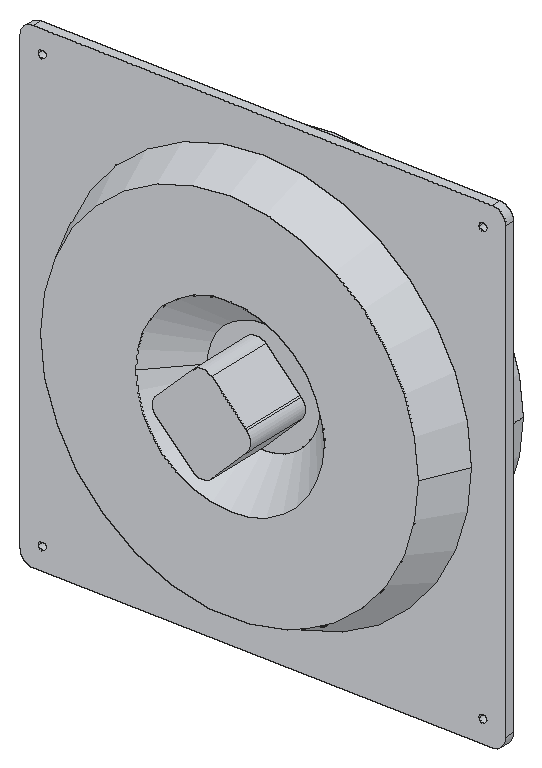
Revit family "16.1 Настенный осевой вентилятор FE Тип В", category Оборудование, Revit 2016
Family settings
  Тип детали = Нормальный
  Размер круглого соединителя = Использовать диаметр
  На основе рабочей плоскости = Нет
  Всегда вертикально = Да
  При загрузке вырезать с полостями = Нет
  Общий = Нет
  Точка расчета площади = Нет
Parameters (values of type "FE040-4EQ")
  отступ = 32 mm
  Частотный преобразователь [instance] = no
  Частота вращения n, об/мин = "1320"
  Тип, марка, обозначение = "FE040-4EQ.2F.A7"
  Теплопроизводительность, кВт = ""
  Сила тока J, А = "1.35"
  Регулятор расхода [instance] = no
  Раздел = "ОВ"
  Примечание = ""
  Позиция = ""
  Напряжение U,В = ""
  Наименование и тех.хар-ка = " Настенный осевой вентилятор"  # constant formula
  Мощность, кВт = 0.31 W
  Материал = Сталь серая
  Масса единицы = "10.2 кг"
  Размер В = 9 mm
  Код, оборудования = ""
  Ключевая пометка = "Вентиляция"
  К = 193 mm
  И = 88 mm
  Задание электрикам [instance] = no
  Задание автоматчикам [instance] = no
  Завод изготовитель = "KORF"  # constant formula
  Ж = Б * 0.16  # 86.4 mm
  Единица измерения = "шт."  # constant formula
  Е = 154 mm
  Д = Г * 0.9  # 378 mm
  Б = 540 mm
  d2 = Г * 0.9  # 378 mm
  d1 = Г * 0.5  # 210 mm
  d = Г * 0.34  # 142.8 mm
  R скругления = 15 mm
  D2 = Г * 0.3  # 126 mm
  D1 = Г * 0.5  # 210 mm
  D = Г * 1.1  # 462 mm
  А = 490 mm
  Г = 420 mm
Types (13, lengths in mm): name | Частота вращения n, об/мин | Тип, марка, обозначение | Сила тока J, А | Мощность, кВт | Масса единицы | Размер В | К | И | Ж | Е | Д | Б | d2 | d1 | d | D2 | D1 | D | А | Г
  FE040-VDQ | "1300" | "FE040-VDQ.2С.A7" | "0.48" | 0.27 W | "8,5 кг" | 9 | 178 | 88 | 86.4 | 139 | 378 | 540 | 378 | 210 | 142.8 | 126 | 210 | 462 | 490 | 420
  FE040-4EQ | "1320" | "FE040-4EQ.2F.A7" | "1.35" | 0.31 W | "10.2 кг" | 9 | 193 | 88 | 86.4 | 154 | 378 | 540 | 378 | 210 | 142.8 | 126 | 210 | 462 | 490 | 420
  FE045-VDQ | "1340" | "FE045-VDQ.4F.A7" | "1.15" | 0.61 W | "13.6 кг" | 11 | 198 | 96 | 92 | 186 | 432 | 575 | 432 | 240 | 163.2 | 144 | 240 | 528 | 535 | 480
  FE045-4EQ | "1310" | "FE045-4EQ.4I.A7" | "2.8" | 0.61 W | "15.1 кг" | 11 | 218 | 96 | 92 | 206 | 432 | 575 | 432 | 240 | 163.2 | 144 | 240 | 528 | 535 | 480
  FE050-VDQ | "1340" | "FE050-VDQ.4I.A7" | "1.35" | 0.78 W | "19.2 кг" | 11 | 218 | 104 | 104.8 | 206 | 475.2 | 655 | 475.2 | 264 | 179.52 | 158.4 | 264 | 580.8 | 615 | 528
  FE050-4EQ | "1210" | "FE050-4EQ.4I.A7" | "3.4" | 0.77 W | "19.2 кг" | 11 | 218 | 104 | 104.8 | 206 | 475.2 | 655 | 475.2 | 264 | 179.52 | 158.4 | 264 | 580.8 | 615 | 528
  FE050-SDQ | "900" | "FE050-SDQ.4F.A7" | "0.74" | 0.32 W | "17 кг" | 11 | 198 | 104 | 104.8 | 186 | 475.2 | 655 | 475.2 | 264 | 179.52 | 158.4 | 264 | 580.8 | 615 | 528
  FE056-6EQ | "890" | "FE056-6EQ.4M.A7" | "1.25" | 0.29 W | "17 кг" | 11 | 198 | 104 | 104.8 | 186 | 475.2 | 655 | 475.2 | 264 | 179.52 | 158.4 | 264 | 580.8 | 615 | 528
  FE056-VDQ | "1320" | "FE056-VDQ.4F.A7" | "2.6" | 1.25 W | "25 кг" | 11 | 238 | 119 | 116 | 226 | 530.1 | 725 | 530.1 | 294.5 | 200.26 | 176.7 | 294.5 | 647.9 | 675 | 589
  FE056-SDQ | "880" | "FE056-SDQ.4I.A7" | "0.76" | 0.42 W | "21 кг" | 11 | 198 | 119 | 116 | 186 | 530.1 | 725 | 530.1 | 294.5 | 200.26 | 176.7 | 294.5 | 647.9 | 675 | 589
  FE056-6EQ.4M | "920" | "FE056-6EQ.4M.A7" | "2.3" | 0.51 W | "23 кг" | 11 | 218 | 119 | 116 | 206 | 530.1 | 725 | 530.1 | 294.5 | 200.26 | 176.7 | 294.5 | 647.9 | 675 | 589
  FE063-SDQ | "900" | "FE063-SDQ.4I.A7" | "1.25" | 0.69 W | "25.5 кг" | 11 | 219 | 130 | 128.8 | 206 | 597.6 | 805 | 597.6 | 332 | 225.76 | 199.2 | 332 | 730.4 | 750 | 664
  FE063-6EQ | "900" | "FE063-6EQ.4M.A7" | "3.5" | 0.78 W | "27.5 кг" | 11 | 238 | 130 | 128.8 | 225 | 597.6 | 805 | 597.6 | 332 | 225.76 | 199.2 | 332 | 730.4 | 750 | 664
Reference planes
  plane 1 "По центру (Вперед/Назад)": y = 0
  plane 2: z = 0
  plane 3 "По центру (Влево/Вправо)": x = 0
  plane 4: x = -245
  plane 5: z = -245
  plane 6: x = 270
  plane 7: z = 245
  plane 8: x = -270
  plane 9: z = 270
  plane 10: x = 245
  plane 11: z = -270
  plane 12: y = -10
  plane 13: y = 88
  plane 14: y = 98
  plane 15: y = -95
  plane 16: y = -56
  plane 17: through (-185, -1524, 185) normal (0.7071, 0, 0.7071)
  plane 18: through (185, -1524, 185) normal (0.7071, 0, -0.7071)
  plane 19: through (-27.013, -1524, 88.108) normal (0.7071, 0, 0.7071)
  plane 20: through (30.589, -1524, -91.683) normal (-0.7071, 0, -0.7071)
  plane 21: through (30.589, -1524, 91.683) normal (0.7071, 0, -0.7071)
  plane 22: through (102.611, -1524, 41.517) normal (0.7071, 0, -0.7071)
  plane 23: y = -20
  plane 24: y = 68
Forms (mm)
  Extrusion 1, void, not visible
    sketch origin (-345, -245, 50) x (0, -1, 0) y (0, 0, -1)
      loop
        line (-477.965, -475) -> (-477.965, -450) -> (-528.913, -450) -> (-528.913, -475) -> (-477.965, -475)
    from -47.452 to 12
  Extrusion 2, solid, detail levels fine
    sketch origin (0, 0, 0) x (1, 0, 0) y (0, 0, 1)
      loop
        arc (-255, 270) -> (-265.607, 265.607) -> (-270, 255) r 15
        line (-270, 255) -> (-270, -255)
        arc (-270, -255) -> (-265.607, -265.607) -> (-255, -270) r 15
        line (-255, -270) -> (255, -270)
        arc (255, -270) -> (265.607, -265.607) -> (270, -255) r 15
        line (270, -255) -> (270, 255)
        arc (270, 255) -> (265.607, 265.607) -> (255, 270) r 15
        line (255, 270) -> (-255, 270)
    from 0 to 10
  Extrusion 3, solid, detail levels fine
    sketch origin (0, 0, 0) x (1, 0, 0) y (0, 0, 1)
      loop
        circle (0, 0) r 210
      loop
        circle (0, 0) r 189
    from 0 to -88
  Extrusion 4, void
    sketch origin (0, 0, 0) x (1, 0, 0) y (0, 0, 1)
      loop
        circle (-245, 245) r 4.5
      loop
        circle (245, 245) r 4.5
      loop
        circle (-245, -245) r 4.5
      loop
        circle (245, -245) r 4.5
    from 0 to 100
  Blend 5, solid, detail levels fine
    base sketch origin (0, 0, 0) x (1, 0, 0) y (0, 0, 1)
      loop
        circle (0, 0) r 231
    top sketch origin (0, 0, 0) x (1, 0, 0) y (0, 0, 1)
      loop
        circle (0, 0) r 210
    from 10 to 56
  Blend 6, void
    base sketch origin (0, 0, 0) x (1, 0, 0) y (0, 0, 1)
      loop
        circle (0, 0) r 105
    top sketch origin (0, 0, 0) x (1, 0, 0) y (0, 0, 1)
      loop
        circle (0, 0) r 63
    from 56 to 10
  Extrusion 7, solid, detail levels fine
    sketch origin (0, 0, 0) x (1, 0, 0) y (0, 0, 1)
      loop
        line (48.838, 12.256) -> (10.607, 50.487)
        arc (10.607, 50.487) -> (0, 54.881) -> (-10.607, 50.487) r 15
        line (-10.607, 50.487) -> (-50.487, 10.607)
        arc (-50.487, 10.607) -> (-54.881, 0) -> (-50.487, -10.607) r 15
        line (-50.487, -10.607) -> (-10.607, -50.487)
        arc (-10.607, -50.487) -> (0, -54.881) -> (10.607, -50.487) r 15
        line (10.607, -50.487) -> (50.487, -10.607)
        arc (50.487, -10.607) -> (54.881, 0) -> (50.487, 10.607) r 15
        line (50.487, 10.607) -> (48.838, 12.256)
    from 20 to 95
  Extrusion 8, solid, detail levels fine
    sketch origin (0, 0, 0) x (1, 0, 0) y (0, 0, 1)
      loop
        circle (0, 0) r 20
    from 10 to 20
  Blend 9, solid, detail levels fine
    base sketch origin (0, 0, 0) x (1, 0, 0) y (0, 0, 1)
      loop
        circle (0, 0) r 71.4
    top sketch origin (0, 0, 0) x (1, 0, 0) y (0, 0, 1)
      loop
        circle (0, 0) r 105
    from -98 to -88
  Blend 10, solid, detail levels fine
    base sketch origin (0, 0, 0) x (1, 0, 0) y (0, 0, 1)
      loop
        circle (0, 0) r 105
    top sketch origin (0, 0, 0) x (1, 0, 0) y (0, 0, 1)
      loop
        circle (0, 0) r 189
    from -88 to -68
Cuts and joins
  Extrusion 4, Blend 6 cuts Extrusion 2
  Blend 6 cuts Blend 5
Lines and regions (mm)
  model lines, detail levels coarse
    curve 1: line (-270, 0, 270) -> (270, 0, 270)
    curve 2: line (-270, 0, -270) -> (-270, 0, 270)
    curve 3: line (270, 0, -270) -> (-270, 0, -270)
    curve 4: line (270, 0, 270) -> (270, 0, -270)
    curve 5: circle (0, 0, 0) r 231 normal (0, -1, 0)
    curve 6: circle (0, 0, 0) r 189 normal (0, -1, 0)
    curve 7: circle (0, 0, 0) r 105 normal (0, -1, 0)
    curve 8: circle (0, 0, 0) r 71.4 normal (0, -1, 0)
    curve 9: circle (0, 0, 0) r 20 normal (0, -1, 0)
    curve 10: line (-270, 0, 270) -> (270, 0, -270)
    curve 11: line (-270, 0, -270) -> (270, 0, 270)
    curve 12: line (0, -125, 0) -> (-123.132, -282.602, 0)
    curve 13: line (-123.132, -282.602, 0) -> (0, -282.602, 0)
    curve 14: line (0, -125, 0) -> (123.132, -282.602, 0)
    curve 15: line (123.132, -282.602, 0) -> (0, -282.602, 0)
  model lines, not visible, detail levels coarse
    curve 16: line (0, -125, 0) -> (-123.132, -282.602, 0)
    curve 17: line (-123.132, -282.602, 0) -> (0, -282.602, 0)
    curve 18: line (0, -125, 0) -> (123.132, -282.602, 0)
    curve 19: line (123.132, -282.602, 0) -> (0, -282.602, 0)
  model lines, detail levels medium
    curve 20: line (0, -95, 270) -> (0, 98, 270)
    curve 21: line (0, -95, -270) -> (0, -95, 270)
    curve 22: line (0, 98, -270) -> (0, -95, -270)
    curve 23: line (0, 98, 270) -> (0, 98, -270)
    curve 24: line (0, -125, 0) -> (0, -287.635, -162.635)
    curve 25: line (0, -287.635, -162.635) -> (0, -287.635, 0)
    curve 26: line (0, -125, 0) -> (0, -287.635, 162.635)
    curve 27: line (0, -287.635, 162.635) -> (0, -287.635, 0)
  model lines, not visible, detail levels medium
    curve 28: line (0, -125, 0) -> (0, -287.635, -162.635)
    curve 29: line (0, -287.635, -162.635) -> (0, -287.635, 0)
    curve 30: line (0, -125, 0) -> (0, -287.635, 162.635)
    curve 31: line (0, -287.635, 162.635) -> (0, -287.635, 0)
Dimensions and locks
  equal spacing: plane 7, level, plane 5
  "А": plane 7 to plane 5
  equal spacing: plane 9, level, plane 11
  "Б": plane 9 to plane 11
  equal spacing: plane 10, plane 3 "По центру (Влево/Вправо)", plane 4
  "А": plane 10 to plane 4
  equal spacing: plane 8, plane 3 "По центру (Влево/Вправо)", plane 6
  "Б": plane 8 to plane 6
  "И": plane 1 "По центру (Вперед/Назад)" to plane 13
  locked: plane 14 to plane 13 at 10
  "К": plane 14 to plane 15
  "Е": plane 14 to plane 16
  locked: plane 12 to plane 1 "По центру (Вперед/Назад)" at 10
  equal spacing: plane 22, plane 18, plane 21
  "Ж": plane 22 to plane 21
  equal spacing: plane 19, plane 17, plane 20
  "Ж": plane 19 to plane 20
  locked: plane 1 "По центру (Вперед/Назад)" to plane 23 at 20
  locked: plane 13 to plane 24 at 20
  "Г": diameter of Extrusion 3 sketch curve
  "Д": diameter of Extrusion 3 sketch curve
  "R скругления": radius of Extrusion 2 sketch curve  (x4)
  "Размер В": diameter of Extrusion 4 sketch curve  (x4)
  "D": diameter of Blend 5 sketch curve
  "Г": diameter of Blend 5 sketch curve
  "D1": diameter of Blend 6 sketch curve
  "D2": diameter of Blend 6 sketch curve
  "R скругления": radius of Extrusion 7 sketch curve  (x4)
  "d": diameter of Blend 9 sketch curve
  "d1": diameter of Blend 9 sketch curve
  "d1": diameter of Blend 10 sketch curve
  "d2": diameter of Blend 10 sketch curve
  aligned and locked: level to plane 2
  aligned and locked: Extrusion 2 to plane 9
  aligned and locked: Extrusion 2 to plane 6
  aligned and locked: Extrusion 2 to plane 11
  aligned and locked: plane 8 to Extrusion 2
  aligned and locked: Extrusion 2 to plane 12
  aligned and locked: plane 13 to Extrusion 3
  aligned and locked: Blend 5 to plane 16
  aligned and locked: plane 12 to Blend 5
  aligned and locked: Blend 6 to plane 16
  aligned and locked: Blend 6 to Extrusion 2
  aligned and locked: Extrusion 7 sketch curve to plane 19
  aligned and locked: Extrusion 7 sketch curve to plane 22
  aligned and locked: Extrusion 7 sketch curve to plane 20
  aligned and locked: plane 21 to Extrusion 7 sketch curve
  aligned and locked: Extrusion 7 to plane 15
  aligned and locked: plane 23 to Extrusion 7
  aligned and locked: plane 12 to Extrusion 8
  aligned and locked: Extrusion 8 to Extrusion 7
  aligned and locked: plane 14 to Blend 9
  aligned and locked: Blend 9 to Extrusion 3
  aligned and locked: Extrusion 3 to Blend 10
  aligned and locked: Blend 10 to plane 24
  aligned and locked: curve 1 to plane 9
  aligned and locked: curve 2 to plane 8
  aligned and locked: curve 3 to plane 11
  aligned and locked: plane 6 to curve 4
  aligned and locked: curve 20 to plane 9
  aligned and locked: plane 15 to curve 21
  aligned and locked: curve 22 to plane 11
  aligned and locked: curve 23 to plane 14
Automatic sketch dimensions
  Extrusion 8 sketch curve to level = 0 mm
  Extrusion 8 sketch curve to plane 3 "По центру (Влево/Вправо)" = 0 mm
  Extrusion 3 sketch curve to Extrusion 3 sketch curve = 0 mm  (x2)
  Extrusion 3 sketch curve to level = 0 mm
  Extrusion 3 sketch curve to plane 3 "По центру (Влево/Вправо)" = 0 mm
  plane 4 to Extrusion 4 sketch curve = 0 mm
  Extrusion 4 sketch curve to plane 4 = 0 mm
  Extrusion 4 sketch curve to plane 5 = 0 mm  (x2)
  plane 10 to Extrusion 4 sketch curve = 0 mm
  Extrusion 4 sketch curve to plane 7 = 0 mm  (x2)
  Extrusion 4 sketch curve to plane 10 = 0 mm
  Blend 5 sketch curve to level = 0 mm  (x2)
  Blend 5 sketch curve to plane 3 "По центру (Влево/Вправо)" = 0 mm  (x2)
  Blend 6 sketch curve to level = 0 mm  (x2)
  Blend 6 sketch curve to plane 3 "По центру (Влево/Вправо)" = 0 mm  (x2)
  Extrusion 7 sketch curve to plane 3 "По центру (Влево/Вправо)" = 0 mm
  level to Extrusion 7 sketch curve = 10.607 mm  (x2)
  Extrusion 7 sketch curve to level = 10.607 mm  (x2)
  Extrusion 7 sketch curve to plane 3 "По центру (Влево/Вправо)" = 10.607 mm  (x2)
  plane 3 "По центру (Влево/Вправо)" to Extrusion 7 sketch curve = 10.607 mm  (x2)
  level to Extrusion 7 sketch curve = 12.256 mm
  Blend 9 sketch curve to level = 0 mm  (x2)
  Blend 9 sketch curve to plane 3 "По центру (Влево/Вправо)" = 0 mm  (x2)
  Blend 10 sketch curve to level = 0 mm  (x2)
  Blend 10 sketch curve to plane 3 "По центру (Влево/Вправо)" = 0 mm  (x2)
  curve 5 to curve 6 = 0 mm  (x2)
  curve 5 to curve 7 = 0 mm  (x2)
  curve 5 to curve 8 = 0 mm  (x2)
  curve 5 to curve 9 = 0 mm  (x2)
  curve 6 to curve 7 = 0 mm  (x2)
  curve 6 to curve 8 = 0 mm  (x2)
  curve 6 to curve 9 = 0 mm  (x2)
  curve 7 to curve 8 = 0 mm  (x2)
  curve 7 to curve 9 = 0 mm  (x2)
  curve 8 to curve 9 = 0 mm  (x2)
  curve 9 to level = 0 mm
  curve 9 to plane 3 "По центру (Влево/Вправо)" = 0 mm
  plane 8 to Extrusion 2 sketch curve = 0 mm
  Extrusion 2 sketch curve to plane 9 = 0 mm
  Extrusion 2 sketch curve to plane 18 = 0 mm
  Extrusion 2 sketch curve to plane 11 = 0 mm
  radius of Extrusion 8 sketch curve = 20 mm
  radius of curve 5 = 231 mm
  radius of curve 6 = 189 mm
  radius of curve 7 = 105 mm
  radius of curve 8 = 71.4 mm
  radius of curve 9 = 20 mm
Nested families
  nested 1: "крепление 15мм" at (-330, 229.965, 495), type "крепление 15мм", not visible
Connectors
  hvac at (0, 88, 0), driven by "Д"
    settings: on Extrusion 3, index 1, duct flow 0.0 L/s, flow factor 0, pres drop 0.0 Pa, loss coef 0, conn angle 0.00°, conn width 304.8 mm, conn height 304.8 mm, conn diameter 378 mm, duct sys type 28, conn prof type 0, flow config 0, flow direction 0, loss method 0, conn ref index -1, conn util no, is conn primary yes, conn desc ""
Definition of nested family "крепление 15мм"
  Parameters (values of type "крепление 15мм")
    Материал крепления = none
  Reference planes
    plane 1 "По центру (Вперед/Назад)": y = 0
    plane 2: z = 0
    plane 3 "По центру (Влево/Вправо)": x = 0
  Forms (mm)
    Extrusion 1, solid, material <- "Материал крепления"
      sketch origin (0, 0, 0) x (1, 0, 0) y (0, 1, 0)
        loop
          line (-25, 0) -> (0, 0) -> (0, 18.31) -> (0, 25) -> (-3, 25) -> (-3, 3) -> (-25, 3) -> (-25, 0)
      from 0 to 30
    Extrusion 2, void
      sketch origin (0, 0, 0) x (1, 0, 0) y (0, 1, 0)
        loop
          line (-3, 3) -> (-3, 54.96) -> (-58, 54.96) -> (-58, 3) -> (-3, 3)
      from 0 to 15
  Cuts and joins
    Extrusion 2 cuts Extrusion 1
  Dimensions and locks
    Extrusion 1 sketch curve to Extrusion 1 sketch curve = 3 mm  (x2)
    Extrusion 1 sketch curve to Extrusion 1 sketch curve to plane 3 "По центру (Влево/Вправо)" = 25 mm, 0 mm
    Extrusion 1 sketch curve to Extrusion 1 sketch curve = 25 mm
    aligned and locked: level to plane 2
